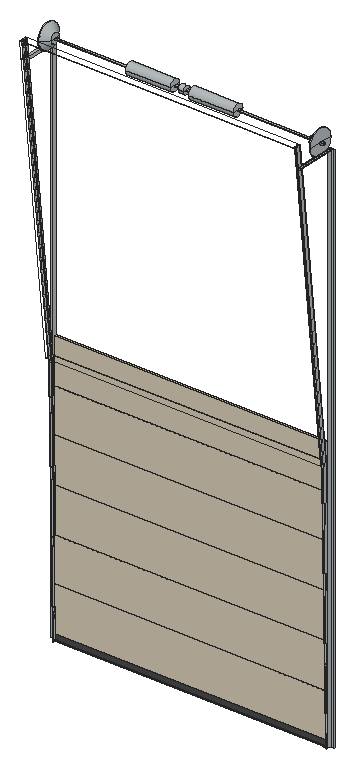
Revit family "Door_Sectional_Clopay_Insulated-DeepRib-VerticalTrack", category Doors, host Wall, Revit 2026
Family settings
  Host = Wall
  Classification Number = 23.30.10.17.37.14
  Always vertical = Yes
  Cut with Voids When Loaded = No
  Shared = No
  Room Calculation Point = No
Parameters (values of type "ByType")
  intDepth [instance] = (Height + 1' 6") * -1  # -13' - 6"
  Wind Load = ""
  Water Penetration = ""
  Track Offset = 0' - 1"
  Track Material [instance] = Metal - Steel - Clopay - Galvanized
  TorsionWidth = Width + 0' 7"  # 12' - 7"
  Torsion Spring Height above Head [instance] = if(Breakaway Track, 0' 6", 1' 6")  # 0' - 6"
  Sound Transmission Class (STC) = 0
  Revision = "R1_09-2011"
  Rad [instance] = Thickness / 2  # 0' - 0 11/16"
  RO Offset = 0' - 0"
  Pass Door = no
  Panel Type_9 [instance] = Door Panel - Deep Rib Insulated : Standard
  Panel Type_8 [instance] = Door Panel - Deep Rib Insulated : Standard
  Panel Type_7 [instance] = Door Panel - Deep Rib Insulated : Standard
  Panel Type_6 [instance] = Door Panel - Deep Rib Insulated : Standard
  Panel Type_5 [instance] = Door Panel - Deep Rib Insulated : Standard
  Panel Type_4 [instance] = Door Panel - Deep Rib Insulated : Standard
  Panel Type_3 [instance] = Door Panel - Deep Rib Insulated : Standard
  Panel Type_2 [instance] = Door Panel - Deep Rib Insulated : Standard
  Panel Type_10 [instance] = Door Panel - Deep Rib Insulated : Standard
  Panel Type_1 [instance] = Door Panel - Deep Rib Insulated : Standard
  Panel Height = Height / NumPanels  # 2' - 0"
  P9 = NumPanels > 8  # no
  P8 = NumPanels > 7  # no
  P7 = NumPanels > 6  # no
  P6 = NumPanels > 5  # yes
  P5 = NumPanels > 4  # yes
  P4 = NumPanels > 3  # yes
  P10 = NumPanels > 9  # no
  Operator_Jackshaft Right [instance] = no
  Operator_Jackshaft Left [instance] = no
  Opening Width = 12' - 0"
  Opening Height = 12' - 0"
  NumPanels = if(Height < 6' 3", 3, if(Height < 8' 3", 4, if(Height < 10' 3", 5, if(Height < 12' 3", 6, if(Height < 14' 3", 7, if(Height < 16' 3", 8, if(Height < 18' 3", 9, 10)))))))  # 6
  Maximum Size = "Consult Clopay Specifications & Shop Drawings"
  Lock Right [instance] = no
  Lock Left [instance] = no
  Jackshaft Offset [instance] = 0' - 5"
  Hardware Finish = Metal - Steel - Clopay - Galvanized
  Function = Interior
  Frame Finish = Metal - Steel - Clopay - Stucco Emboss - Tan
  Double Torsion Shaft [instance] = no
  Door Width = Opening Width + (Track Offset * 2)  # 12' - 2"
  Door Height = Opening Height  # 12' - 0"
  Door Glazing = Glass - Insulated - Clopay - Clear Tempered
  DblWidth = TorsionWidth + 1' 0"  # 13' - 7"
  Building Code Conformance = ""
  Breakaway Track [instance] = yes
  Breakaway Bottom Section = no
  Bottom Astragal Material [instance] = Rubber - Clopay - Black
  Bottom Astragal Height [instance] = 0' - 3 1/2"
  Air Infiltration = ""
  ASTM Conformance = ""
  Panel Width [instance] = Width + (Track Offset * 2)  # 12' - 2"
  Panel Material = Metal - Steel - Clopay - Stucco Emboss - Tan
  Manufacturer Phone = "513-770-4800 "
  Warranty Duration (Years) = 0
  URL = "http://www.clopaydoor.com/"
  Thickness = 0' - 1 3/8"
  Test Data = ""
  Specification = "http://www.arcat.com/sd/clients/clopay.html?coid=31487"
  SpecWizard = "http://www.arcat.com/specwizard/clients/clopay.html?coid=31487"
  Send Message = "http://www.clopaydoor.com/"
  Sales Information = "http://www.clopaydoor.com/contact-us.aspx"
  Rough Width = (Width + (RO Offset * 2))  # 12' - 0"
  Rough Height = (Height + (RO Offset))  # 12' - 0"
  R_Value = 0
  Product Properties = ""
  Product Data = "http://www.arcat.com/arcatcos/cos31/arc31487.html?isac=1&r=1"
  Manufacturer Website = "http://www.arcat.com/users.pl?action=UserEmail&company=Clopay%20Building%20Products%20Company&coid=31487&rep=114&fax=513-770-3519&mf="
  Manufacturer Phone - Toll Free = "800-526-4301 "
  Manufacturer Fax = "513-770-3519"
  Manufacturer Address = "8585 Duke Blvd. Mason, OH 45040-3101"
  Maintenance Schedule (Months) = 0
  Installation-Fabrication = ""
  Installation Phase = ""
  Green Building-LEED = "http://www.arcat.com/green/clients/leed_data_31487.html"
  Model = "As Specified"
  Manufacturer = "Clopay Building Products Company"
  Keynote = "08360"
  Height = Opening Height  # 12' - 0"
  Wall Closure = By host
  Width = Opening Width  # 12' - 0"
  Fire Rating = ""
  Expected Lifespan (Years) = 0
  Drawn By = "Sumex Design, Inc. / Robert S. Weygant, CSI, CDT, SCIP"
  Description = "Clopay Overhead Door as Specified"
  Copyright = "©Arcat Inc."
  Construction Details = "http://www.arcat.com/details/clopay/clopay.html?coid=31487"
  Building Codes = ""
  Assembly Code = "B2030410"
  ADA Compliant = yes
  AAMA Designation = ""
  3" Track [instance] = no
Reference planes (in)
  plane 1 "Center (Front/Back)": y = -34.08725
  plane 2 "Center (Left/Right)": x = 64.28704
  plane 3: z = 0
  plane 4 "Right": x = 136.28704
  plane 5 "Left": x = -7.71296
  plane 6: z = 0
  plane 7 "Top of Frame": z = 144
  plane 8 "RO Top": z = 144
  plane 9 "RO Right": x = 136.28704
  plane 10 "RO Left": x = -7.71296
  plane 11 "Exterior Wall Face": y = -31.08725
  plane 12 "Interior Wall Face": y = -37.08725
  plane 13: x = -8.71296
  plane 14: x = 137.28704
  plane 15: z = 27.5
  plane 16: z = 51.5
  plane 17: z = 75.5
  plane 18: z = 99.5
  plane 19: z = 123.5
  plane 20: z = 147.5
  plane 21: z = 171.5
  plane 22: y = -37.58725
  plane 23: z = 3.5
  plane 24: y = -38.96225
  plane 25: z = 288
  plane 26: z = 195.5
  plane 27: z = 219.5
  plane 28: x = 80.28704
  plane 29: x = 48.28704
  plane 30: z = 80
  plane 31: z = 40
  plane 32: z = 294
  plane 33: z = 306
  plane 34: x = -12.71296
  plane 35: x = 141.28704
  plane 36: z = 297
Forms (in)
  Extrusion 1, solid, material "Rubber - Clopay - Black" <- "Bottom Astragal Material"
    sketch origin (-8.71296, -26.43241, 48) x (0, 1, 0) y (0, 0, 1)
      loop
        line (-11.15484, -44.5) -> (-12.52984, -44.5) -> (-12.52984, -47.3125)
        arc (-12.52984, -47.3125) -> (-11.84234, -48) -> (-11.15484, -47.3125) r 0.6875
        line (-11.15484, -47.3125) -> (-11.15484, -44.5)
    from 0 to 146
  Extrusion 2, solid, material "Metal - Steel - Clopay - Galvanized" <- "Hardware Finish", visible <- "Lock Left"
    sketch origin (-270, -38.96225, -0.15636) x (0, 0, -1) y (-1, 0, 0)
      loop
        line (-39.15636, -263.35085) -> (-39.15636, -267.35085) -> (-36.15636, -267.35085) -> (-36.15636, -263.35085) -> (-39.15636, -263.35085)
    from 0 to -1.5
  Extrusion 3, solid, material "Metal - Steel - Clopay - Galvanized" <- "Hardware Finish", visible <- "Lock Right"
    sketch origin (398.57407, -38.96225, -0.15636) x (0, 0, -1) y (-1, 0, 0)
      loop
        line (-39.15636, 263.35085) -> (-36.15636, 263.35085) -> (-36.15636, 267.35085) -> (-39.15636, 267.35085) -> (-39.15636, 263.35085)
    from 0 to -1.5
  Extrusion 4, solid
    sketch origin (138.28704, -59.98895, 299.04277) x (0, 0.994163, 0.107886) y (-1, 0, 0)
      loop
        line (2.98478, 0) -> (2.98478, 148) -> (-1, 148) -> (-1, 0) -> (2.98478, 0)
    from 0 to -162 <- "intDepth"
Lines and regions (in)
  Opening 1
    outline origin (-109.33485, -37.08725, 0) x (1, 0, 0) y (0, 0, 1)
      loop
        line (101.62189, 0) -> (245.62189, 0) -> (245.62189, 144) -> (101.62189, 144) -> (101.62189, 0)
  symbolic lines, style "Elevation Swing"
    curve 1: line (48.28704, -38.96225, 80) -> (80.28704, -38.96225, 40)
    curve 2: line (80.28704, -38.96225, 40) -> (48.28704, -38.96225, 0)
Text (in)
  text "Exterior" at (50.54558, 62.1328, 0), in view "A101 - Plan View"
  text "Interior" at (50.54558, -116.72319, 0), in view "A101 - Plan View"
  text "Exterior" at (0, -17.98638, 123.01588), in view "Right"
  text "Interior" at (0, -64.39139, 123.01588), in view "Right"
  text "Interior" at (0, -52.09468, 121.14095), in view "Left"
  text "Exterior" at (0, 26.35325, 123.00693), in view "Left"
Dimensions and locks (in)
  equal spacing: plane 4 "Right", plane 2 "Center (Left/Right)", plane 5 "Left"
  "Width": plane 5 "Left" to plane 4 "Right"
  "Height": level to plane 7 "Top of Frame"
  "RO Offset": plane 5 "Left" to plane 10 "RO Left"
  "RO Offset": plane 9 "RO Right" to plane 4 "Right"
  "RO Offset": plane 8 "RO Top" to plane 7 "Top of Frame"
  "Track Offset": plane 9 "RO Right" to plane 14
  "Track Offset": plane 13 to plane 5 "Left"
  locked: nested 3 to plane 12 "Interior Wall Face" at 6
  "Panel Height": plane 23 to plane 15
  "Panel Height": plane 15 to plane 16
  "Panel Height": plane 16 to plane 17
  "Panel Height": plane 17 to plane 18
  "Panel Height": plane 18 to plane 19
  "Panel Height": plane 19 to plane 20
  "Panel Height": plane 20 to plane 21
  locked: plane 12 "Interior Wall Face" to plane 22 at 0.5
  "Bottom Astragal Height": level to plane 23
  "Thickness": plane 22 to plane 24
  "Rad": Extrusion 1 sketch curve to level
  Extrusion 2 sketch curve to Extrusion 2 sketch curve to level = 0' - 3" locked, 3' - 0" locked
  Extrusion 3 sketch curve to Extrusion 3 sketch curve to level = 0' - 3" locked, 3' - 0" locked
  "Height": plane 25 to plane 8 "RO Top"
  "Torsion Spring Height above Head": plane 32 to plane 25
  "Panel Height": plane 21 to plane 26
  "Panel Height": plane 26 to plane 27
  locked: level to plane 30 at 80
  plane 29 to plane 2 "Center (Left/Right)" to plane 28 = 1' - 4" locked, 1' - 4" locked
  equal spacing: plane 30, plane 31, level
  locked: plane 33 to plane 32 at 12
  locked: plane 12 "Interior Wall Face" to nested 14 at 6
  Extrusion 4 sketch curve to Extrusion 4 sketch curve = 0' - 3.98478"
  locked: plane 14 to Extrusion 4 sketch curve at 1
  locked: Extrusion 4 sketch curve to plane 13 at 1
  locked: plane 36 to plane 32 at 3
  "Jackshaft Offset": plane 5 "Left" to plane 34
  "Jackshaft Offset": plane 35 to plane 4 "Right"
  "Rad": radius of Extrusion 1 sketch curve
  aligned and locked: host wall to plane 1 "Center (Front/Back)"
  aligned and locked: Opening 1 sketch curve to level
  aligned and locked: plane 9 "RO Right" to Opening 1 sketch curve
  aligned and locked: plane 10 "RO Left" to Opening 1 sketch curve
  aligned and locked: Opening 1 sketch curve to plane 8 "RO Top"
  aligned and locked: host wall to plane 11 "Exterior Wall Face"
  aligned and locked: host wall to plane 12 "Interior Wall Face"
  aligned and locked: nested 1 to plane 13
  aligned and locked: nested 1 to plane 12 "Interior Wall Face"
  aligned and locked: nested 2 to plane 14
  aligned and locked: nested 2 to plane 12 "Interior Wall Face"
  aligned and locked: plane 2 "Center (Left/Right)" to nested 3
  aligned and locked: plane 2 "Center (Left/Right)" to nested 4
  aligned and locked: plane 15 to nested 5
  aligned and locked: plane 16 to nested 6
  aligned and locked: plane 17 to nested 7
  aligned and locked: plane 18 to nested 8
  aligned and locked: plane 19 to nested 9
  aligned and locked: plane 20 to nested 10
  aligned and locked: plane 21 to nested 11
  aligned and locked: plane 23 to nested 4
  aligned and locked: plane 14 to Extrusion 1
  aligned and locked: plane 26 to nested 12
  aligned and locked: plane 27 to nested 13
  aligned and locked: plane 22 to nested 4
  aligned and locked: plane 22 to nested 5
  aligned and locked: plane 22 to nested 6
  aligned and locked: plane 22 to nested 7
  aligned and locked: plane 22 to nested 8
  aligned and locked: plane 22 to nested 9
  aligned and locked: plane 22 to nested 10
  aligned and locked: nested 13 to plane 22
  aligned and locked: nested 11 to plane 22
  aligned and locked: nested 12 to plane 22
  aligned and locked: plane 33 to nested 14
  aligned and locked: plane 32 to nested 3
  aligned and locked: plane 36 to nested 16
  aligned and locked: plane 35 to nested 16
  aligned and locked: plane 36 to nested 15
  aligned and locked: plane 34 to nested 15
Automatic sketch dimensions
  Extrusion 1 sketch curve to plane 23 = 0' - 0"
  Extrusion 1 sketch curve to plane 24 = 0' - 0"
  Extrusion 2 sketch curve to plane 5 "Left" = 0' - 5.06381"
  Extrusion 2 sketch curve to plane 5 "Left" = 0' - 1.06381"
  plane 4 "Right" to Extrusion 3 sketch curve = 0' - 1.06381"
  Extrusion 3 sketch curve to Extrusion 3 sketch curve = 0' - 4"
  curve 1 to plane 29 = 0' - 0"
  curve 1 to plane 30 = 0' - 0"
  curve 2 to plane 31 = 0' - 0"
  curve 1 to plane 28 = 0' - 0"
  curve 2 to level = 0' - 0"
  curve 2 to plane 29 = 0' - 0"
  nested 2 to Extrusion 4 sketch curve = 0' - 2 15/16"
Nested families (in)
  nested 1: "Track_SectionalDoor_Clopay_Vertical" at (-8.71296, -47.9957, 0), Opening Height <- "Height", Track Material <- "Track Material", 3" Track <- "3" Track", Breakaway <- "Breakaway Track", type "ByType"
    with sptLegth 1' - 9.43686", VertSlope 1.19349°, Vert Travel 0' - 6 1/4", Vert Overall 0' - 8 5/8", TrackHeight 25' - 0", Track Material Metal - Steel - Clopay - Galvanized, TopLength 13' - 8", Opening Height 12' - 0", Breakaway Angle 5.00°, Breakaway yes, BreakOffset 1' - 4.60353", BaseOffset 0' - 2.83333", 3" Track no
  nested 2: "Track_SectionalDoor_Clopay_Vertical" at (137.28704, -47.9957, 0) x (-1, 0, 0) z (0, 0, 1), Opening Height <- "Height", Track Material <- "Track Material", 3" Track <- "3" Track", Breakaway <- "Breakaway Track", type "ByType"
    with sptLegth 1' - 9.43686", VertSlope 1.19349°, Vert Travel 0' - 6 1/4", Vert Overall 0' - 8 5/8", TrackHeight 25' - 0", Track Material Metal - Steel - Clopay - Galvanized, TopLength 13' - 8", Opening Height 12' - 0", Breakaway Angle 5.00°, Breakaway yes, BreakOffset 1' - 4.60353", BaseOffset 0' - 2.83333", 3" Track no
  nested 3: "TorsionAssembly_Vlift" at (64.28704, -43.08725, 294), Material <- "Track Material", Unit Width <- "TorsionWidth", type "TorsionAssembly_Vlift"
    with offset 0' - 0", Unit Width 12' - 7", Material Metal - Steel - Clopay - Galvanized, End Extension 0' - 0"
  nested 4: "Door Panel - Deep Rib Insulated" at (64.28704, -38.27475, 3.5), Material - Trim <- "Frame Finish", Material - Panel <- "Panel Material", Glass Type <- "Door Glazing", Unit Width <- "Panel Width", Unit Height <- "Panel Height", Unit Depth <- "Thickness", type <- "Panel Type_1", type "Standard"
    with Vision Panel Num 0, Vision Panel Calc 3, VPSpace 13' - 2", VP Actual 2, Unit Width 12' - 2", Unit Height 2' - 0", Unit Depth 0' - 1 3/8", SingleWindow no, Ofst 0' - 6", MultiWindow no, Material - Trim Metal - Steel - Clopay - Stucco Emboss - Tan, Material - Panel Metal - Steel - Clopay - Stucco Emboss - Tan, Glass Type Glass - Insulated - Clopay - Clear Tempered, Vision Panel Height 0' - 8", Vision Panel Width 1' - 0", HalfHeight 0' - 4", Vision Panels no
  nested 5: "Door Panel - Deep Rib Insulated" at (64.28704, -38.27475, 27.5), Material - Trim <- "Frame Finish", Material - Panel <- "Panel Material", Glass Type <- "Door Glazing", Unit Width <- "Panel Width", Unit Height <- "Panel Height", Unit Depth <- "Thickness", type <- "Panel Type_2", type "Standard"
    with Vision Panel Num 0, Vision Panel Calc 3, VPSpace 13' - 2", VP Actual 2, Unit Width 12' - 2", Unit Height 2' - 0", Unit Depth 0' - 1 3/8", SingleWindow no, Ofst 0' - 6", MultiWindow no, Material - Trim Metal - Steel - Clopay - Stucco Emboss - Tan, Material - Panel Metal - Steel - Clopay - Stucco Emboss - Tan, Glass Type Glass - Insulated - Clopay - Clear Tempered, Vision Panel Height 0' - 8", Vision Panel Width 1' - 0", HalfHeight 0' - 4", Vision Panels no
  nested 6: "Door Panel - Deep Rib Insulated" at (64.28704, -38.27475, 51.5), Material - Trim <- "Frame Finish", Material - Panel <- "Panel Material", Glass Type <- "Door Glazing", Unit Width <- "Panel Width", Unit Height <- "Panel Height", Unit Depth <- "Thickness", type <- "Panel Type_3", type "Standard"
    with Vision Panel Num 0, Vision Panel Calc 3, VPSpace 13' - 2", VP Actual 2, Unit Width 12' - 2", Unit Height 2' - 0", Unit Depth 0' - 1 3/8", SingleWindow no, Ofst 0' - 6", MultiWindow no, Material - Trim Metal - Steel - Clopay - Stucco Emboss - Tan, Material - Panel Metal - Steel - Clopay - Stucco Emboss - Tan, Glass Type Glass - Insulated - Clopay - Clear Tempered, Vision Panel Height 0' - 8", Vision Panel Width 1' - 0", HalfHeight 0' - 4", Vision Panels no
  nested 7: "Door Panel - Deep Rib Insulated" at (64.28704, -38.27475, 75.5), Material - Panel <- "Panel Material", Glass Type <- "Door Glazing", Unit Width <- "Panel Width", Unit Height <- "Panel Height", Unit Depth <- "Thickness", visible <- "P4", type <- "Panel Type_4", Material - Trim <- "Panel Material", type "Standard"
    with Vision Panel Num 0, Vision Panel Calc 3, VPSpace 13' - 2", VP Actual 2, Unit Width 12' - 2", Unit Height 2' - 0", Unit Depth 0' - 1 3/8", SingleWindow no, Ofst 0' - 6", MultiWindow no, Material - Trim Metal - Steel - Clopay - Stucco Emboss - Tan, Material - Panel Metal - Steel - Clopay - Stucco Emboss - Tan, Glass Type Glass - Insulated - Clopay - Clear Tempered, Vision Panel Height 0' - 8", Vision Panel Width 1' - 0", HalfHeight 0' - 4", Vision Panels no
  nested 8: "Door Panel - Deep Rib Insulated" at (64.28704, -38.27475, 99.5), Material - Trim <- "Frame Finish", Material - Panel <- "Panel Material", Glass Type <- "Door Glazing", Unit Width <- "Panel Width", Unit Height <- "Panel Height", Unit Depth <- "Thickness", visible <- "P5", type <- "Panel Type_5", type "Standard"
    with Vision Panel Num 0, Vision Panel Calc 3, VPSpace 13' - 2", VP Actual 2, Unit Width 12' - 2", Unit Height 2' - 0", Unit Depth 0' - 1 3/8", SingleWindow no, Ofst 0' - 6", MultiWindow no, Material - Trim Metal - Steel - Clopay - Stucco Emboss - Tan, Material - Panel Metal - Steel - Clopay - Stucco Emboss - Tan, Glass Type Glass - Insulated - Clopay - Clear Tempered, Vision Panel Height 0' - 8", Vision Panel Width 1' - 0", HalfHeight 0' - 4", Vision Panels no
  nested 9: "Door Panel - Deep Rib Insulated" at (64.28704, -38.27475, 123.5), Material - Trim <- "Frame Finish", Material - Panel <- "Panel Material", Glass Type <- "Door Glazing", Unit Width <- "Panel Width", Unit Height <- "Panel Height", Unit Depth <- "Thickness", visible <- "P6", type <- "Panel Type_6", type "Standard"
    with Vision Panel Num 0, Vision Panel Calc 3, VPSpace 13' - 2", VP Actual 2, Unit Width 12' - 2", Unit Height 2' - 0", Unit Depth 0' - 1 3/8", SingleWindow no, Ofst 0' - 6", MultiWindow no, Material - Trim Metal - Steel - Clopay - Stucco Emboss - Tan, Material - Panel Metal - Steel - Clopay - Stucco Emboss - Tan, Glass Type Glass - Insulated - Clopay - Clear Tempered, Vision Panel Height 0' - 8", Vision Panel Width 1' - 0", HalfHeight 0' - 4", Vision Panels no
  nested 10: "Door Panel - Deep Rib Insulated" at (64.28704, -38.27475, 147.5), Material - Trim <- "Frame Finish", Material - Panel <- "Panel Material", Glass Type <- "Door Glazing", Unit Width <- "Panel Width", Unit Height <- "Panel Height", Unit Depth <- "Thickness", visible <- "P7", type <- "Panel Type_7", type "Standard"
    with Vision Panel Num 0, Vision Panel Calc 3, VPSpace 13' - 2", VP Actual 2, Unit Width 12' - 2", Unit Height 2' - 0", Unit Depth 0' - 1 3/8", SingleWindow no, Ofst 0' - 6", MultiWindow no, Material - Trim Metal - Steel - Clopay - Stucco Emboss - Tan, Material - Panel Metal - Steel - Clopay - Stucco Emboss - Tan, Glass Type Glass - Insulated - Clopay - Clear Tempered, Vision Panel Height 0' - 8", Vision Panel Width 1' - 0", HalfHeight 0' - 4", Vision Panels no
  nested 11: "Door Panel - Deep Rib Insulated" at (64.28704, -38.27475, 171.5), Material - Trim <- "Frame Finish", Material - Panel <- "Panel Material", Glass Type <- "Door Glazing", Unit Width <- "Panel Width", Unit Height <- "Panel Height", Unit Depth <- "Thickness", visible <- "P8", type <- "Panel Type_8", type "Standard"
    with Vision Panel Num 0, Vision Panel Calc 3, VPSpace 13' - 2", VP Actual 2, Unit Width 12' - 2", Unit Height 2' - 0", Unit Depth 0' - 1 3/8", SingleWindow no, Ofst 0' - 6", MultiWindow no, Material - Trim Metal - Steel - Clopay - Stucco Emboss - Tan, Material - Panel Metal - Steel - Clopay - Stucco Emboss - Tan, Glass Type Glass - Insulated - Clopay - Clear Tempered, Vision Panel Height 0' - 8", Vision Panel Width 1' - 0", HalfHeight 0' - 4", Vision Panels no
  nested 12: "Door Panel - Deep Rib Insulated" at (64.28704, -38.27475, 195.5), Material - Trim <- "Frame Finish", Material - Panel <- "Panel Material", Glass Type <- "Door Glazing", Unit Width <- "Panel Width", Unit Height <- "Panel Height", Unit Depth <- "Thickness", visible <- "P9", type <- "Panel Type_9", type "Standard"
    with Vision Panel Num 0, Vision Panel Calc 3, VPSpace 13' - 2", VP Actual 2, Unit Width 12' - 2", Unit Height 2' - 0", Unit Depth 0' - 1 3/8", SingleWindow no, Ofst 0' - 6", MultiWindow no, Material - Trim Metal - Steel - Clopay - Stucco Emboss - Tan, Material - Panel Metal - Steel - Clopay - Stucco Emboss - Tan, Glass Type Glass - Insulated - Clopay - Clear Tempered, Vision Panel Height 0' - 8", Vision Panel Width 1' - 0", HalfHeight 0' - 4", Vision Panels no
  nested 13: "Door Panel - Deep Rib Insulated" at (64.28704, -38.27475, 219.5), Material - Trim <- "Frame Finish", Material - Panel <- "Panel Material", Glass Type <- "Door Glazing", Unit Width <- "Panel Width", Unit Height <- "Panel Height", Unit Depth <- "Thickness", visible <- "P10", type <- "Panel Type_10", type "Standard"
    with Vision Panel Num 0, Vision Panel Calc 3, VPSpace 13' - 2", VP Actual 2, Unit Width 12' - 2", Unit Height 2' - 0", Unit Depth 0' - 1 3/8", SingleWindow no, Ofst 0' - 6", MultiWindow no, Material - Trim Metal - Steel - Clopay - Stucco Emboss - Tan, Material - Panel Metal - Steel - Clopay - Stucco Emboss - Tan, Glass Type Glass - Insulated - Clopay - Clear Tempered, Vision Panel Height 0' - 8", Vision Panel Width 1' - 0", HalfHeight 0' - 4", Vision Panels no
  nested 14: "TorsionAssembly_Vlift" at (64.28704, -43.08725, 306), Material <- "Track Material", Unit Width <- "DblWidth", visible <- "Double Torsion Shaft", type "TorsionAssembly_Vlift"
    with offset 0' - 0", Unit Width 13' - 7", Material Metal - Steel - Clopay - Galvanized, End Extension 0' - 6"
  nested 15: "Opener" at (-18.71296, -37.08725, 285) x (1, 0, 0) z (0, -1, 0), Material <- "Hardware Finish", visible <- "Operator_Jackshaft Left", type "Jackshaft"
    with offset 0' - 0", Material Metal - Steel - Clopay - Galvanized, Unit Width 1' - 0", Unit Depth 1' - 0"
  nested 16: "Opener" at (147.28704, -37.08725, 285) x (1, 0, 0) z (0, -1, 0), visible <- "Operator_Jackshaft Right", Material <- "Hardware Finish", type "Jackshaft"
    with offset 0' - 0", Material Metal - Steel - Clopay - Galvanized, Unit Width 1' - 0", Unit Depth 1' - 0"
Definition of nested family "Track_SectionalDoor_Clopay_Vertical"
  Parameters
    sptLegth [instance] = BaseOffset + BreakOffset + 0' 2"  # 1' - 6.33239"
    Width = 0' - 0"
    Warranty Duration (Years) = 0
    VertSlope [instance] = atan(0.25 / 12)  # 1.19349°
    Vert Travel [instance] = (TrackHeight) * tan(VertSlope)  # 0' - 5 1/4"
    Vert Overall [instance] = Vert Travel + 0' 2 3/8"  # 0' - 7 5/8"
    URL = "http://www.clopaydoor.com/"
    TrackHeight [instance] = TopLength + (Opening Height - 0' 8")  # 21' - 0"
    Track Material [instance] = none
    TopLength [instance] = if(Breakaway Angle = 0.00°, Opening Height + 0' 8" + 0' 1", Opening Height + 0' 8" + 1' 0")  # 11' - 8"
    Thickness = 0' - 0"
    Specification = "http://www.arcat.com/sd/clients/clopay.html?coid=31487"
    SpecWizard = "http://www.arcat.com/specwizard/clients/clopay.html?coid=31487"
    Send Message = "http://www.arcat.com/users.pl?action=UserEmail&company=Clopay%20Building%20Products%20Company&coid=31487&rep=114&fax=513-770-3519&mf="
    Sales Information = "http://www.clopaydoor.com/contact-us.aspx"
    Revision = "R1_09-2011"
    Product Properties = ""
    Product Data = "http://www.arcat.com/arcatcos/cos31/arc31487.html?isac=1&r=1"
    Opening Height [instance] = 10' - 0"
    Model = "As Specified"
    Manufacturer Website = "http://www.clopaydoor.com/"
    Manufacturer Phone - Toll Free = "800-526-4301"
    Manufacturer Phone = "513-770-4800"
    Manufacturer Fax = "513-770-3519"
    Manufacturer Address = "8585 Duke Blvd. Manson, OH 45040-3101"
    Manufacturer = "Clopay Building Products Company"
    Maintenance Schedule (Months) = 0
    Keynote = "08360"
    Installation-Fabrication = ""
    Installation Phase = ""
    Height = 0' - 0"
    Green Building-LEED = "http://www.arcat.com/green/clients/leed_data_31487.html"
    Expected Lifespan (Years) = 0
    Drawn By = "Sumex Design, Inc. / Robert S. Weygant, CSI, CDT, SCIP"
    Description = "Clopay Door as Specified"
    Copyright = "©Arcat Inc."
    Construction Details = "http://www.arcat.com/details/clopay/clopay.html?coid=31487"
    Breakaway Angle [instance] = if(Breakaway, 5.00°, 0.00°)  # 5.00°
    Breakaway [instance] = yes
    BreakOffset [instance] = (TrackHeight - 0' 11" - Opening Height + 0' 8") * tan(VertSlope + Breakaway Angle)  # 1' - 1.99905"
    BaseOffset [instance] = (Opening Height - 0' 8") * tan(VertSlope)  # 0' - 2.33333"
    3" Track [instance] = no
    Assembly Code = "B2030410"
  Reference planes (in)
    plane 1 "Center (Front/Back)": y = 10.90846
    plane 2: z = 0
    plane 3 "Center (Left/Right)": x = 0
    plane 4: z = 0
    plane 5: z = 0
    plane 6: z = 0
    plane 7: z = 0
    plane 8: z = 0
    plane 9: y = 3.28346
    plane 10 "Bracket": x = -1
    plane 11: z = 120
    plane 12: z = 252
    plane 13: y = 8.53346
    plane 14: z = 112
  Forms (in)
    Sweep 1, solid, material <- "Track Material"
      path origin (-1, 4.05509, 48) x (0, 1, 0) y (0, 0, 1)
        loop
          line (4.47835, -47.99915) -> (2.14503, 64) -> (-12.95906, 203.18285)
      profile "P_Track : P_Track" origin (-1, 7.36678, 56.00043) x (0, -0.999783, -0.020829) y (1, 0, 0)
        loop
          line (-2, 1) -> (-2, 0) -> (-0.62484, 0) -> (-0.20263, 0.18798)
          arc (-0.20263, 0.18798) -> (0, 0.5) -> (-0.20263, 0.81202) r 0.34155
          line (-0.20263, 0.81202) -> (-0.48052, 0.93574) -> (-0.50594, 0.87865) -> (-0.22805, 0.75492)
          arc (-0.22805, 0.75492) -> (-0.0625, 0.5) -> (-0.22805, 0.24508) r 0.27905
          line (-0.22805, 0.24508) -> (-0.63812, 0.0625) -> (-1.9375, 0.0625) -> (-1.9375, 1) -> (-2, 1)
    Extrusion 2, solid, material <- "Track Material"
      sketch origin (0, 0, 0) x (1, 0, 0) y (0, 1, 0)
        loop
          line (-1, 10.90846) -> (-3.25, 10.90846) -> (-3.25, 10.78346) -> (-1.125, 10.78346) -> (-1.125, 9.28346) -> (-1, 9.28346) -> (-1, 10.90846)
      from 0 to 241
    Sweep 3, solid, material <- "Track Material"
      path origin (-1, 4.05509, 48) x (0, 1, 0) y (0, 0, 1)
        loop
          line (-11.47902, 193) -> (6.72837, 193)
      profile origin (-1, 1.67976, 241) x (0, 0, 1) y (1, 0, 0)
        loop
          line (0, 0) -> (-1.48699, 0) -> (-1.48699, -0.125) -> (-0.11199, -0.125) -> (-0.11199, -1.5) -> (0, -1.5) -> (0, 0)
  Lines and regions (in)
    reference lines
      curve 1: line (-1, 8.53346, 0) -> (-1, 5.57576, 141.96919)
      curve 2: line (-1, 6.20012, 112) -> (-1, 0.48214, 164.69065)
      curve 3: line (-1, 6.20012, 112) -> (-1, 4.2118, 111.78423)
  Dimensions and locks (in)
    equal spacing: plane 4, plane 5, plane 6, plane 7, plane 8, level
    "Height": plane 4 to level
    locked: plane 10 "Bracket" to plane 3 "Center (Left/Right)" at 1
    "Opening Height": plane 11 to level
    "Vert Overall": plane 1 "Center (Front/Back)" to plane 9
    locked: plane 13 to plane 1 "Center (Front/Back)" at 2.375
    locked: plane 12 to Extrusion 2 at 11
    "TrackHeight": plane 12 to level
    locked: plane 12 to Sweep 3 sketch curve at 11
    locked: plane 11 to plane 14 at 8
    "TopLength": curve 3 to Sweep 1 sketch curve
    "sptLegth": plane 1 "Center (Front/Back)" to Sweep 3 sketch curve
    "VertSlope": angle curve 1 to plane 13
    "Breakaway Angle": angle curve 2 to curve 1
    aligned and locked: curve 1 to Sweep 1 sketch curve
    aligned and locked: Sweep 1 sketch curve to curve 2
  Automatic sketch dimensions
    Extrusion 2 sketch curve to plane 1 "Center (Front/Back)" = 0' - 0"
    Extrusion 2 sketch curve to plane 10 "Bracket" = 0' - 0"
    Extrusion 2 sketch curve to Extrusion 2 sketch curve = 0' - 0 1/8"  (x2)
    Extrusion 2 sketch curve to Extrusion 2 sketch curve = 0' - 2 1/8"
    plane 13 to Extrusion 2 sketch curve = 0' - 0 3/4"
    plane 1 "Center (Front/Back)" to Sweep 3 sketch curve = 0' - 0 1/8"
    Sweep 3 sketch curve to plane 10 "Bracket" = 0' - 0"
    Sweep 3 sketch curve to profile plane = 0' - 0"
    profile plane to Sweep 3 sketch curve = 0' - 0.11199"
    Sweep 3 sketch curve to plane 10 "Bracket" = 0' - 0 1/8"
    Sweep 3 sketch curve to Sweep 3 sketch curve = 0' - 1 3/8"  (x2)
    curve 2 to plane 14 = 0' - 0"
    curve 1 to level = 0' - 0"
    curve 1 to plane 13 = 0' - 0"
    Sweep 1 sketch curve to plane 13 = 0' - 0"
    curve 3 to curve 2 = 0' - 0"  (x2)
    curve 2 to curve 3 = 0' - 2"
Definition of nested family "TorsionAssembly_Vlift"
  Parameters
    offset [instance] = 0' - 0"
    Warranty Duration (Years) = 0
    Vertical Lift = yes
    Unit Width [instance] = 12' - 0"
    Unit Height = 0' - 9 1/2"
    Unit Depth = Unit Height  # 0' - 9 1/2"
    URL = "http://www.clopaydoor.com/"
    Standard = no
    Spring Width = 2' - 0"
    Specification = "http://www.arcat.com/sd/clients/clopay.html?coid=31487"
    SpecWizard = "http://www.arcat.com/specwizard/clients/clopay.html?coid=31487"
    Send Message = "http://www.arcat.com/users.pl?action=UserEmail&company=Clopay%20Building%20Products%20Company&coid=31487&rep=114&fax=513-770-3519&mf="
    Sales Information = "http://www.clopaydoor.com/contact-us.aspx"
    Revision = "R1_09-2011"
    Product Properties = ""
    Product Data = "http://www.arcat.com/arcatcos/cos31/arc31487.html?isac=1&r=1"
    Model = "As Specified"
    Material [instance] = none
    Manufacturer Website = "http://www.clopaydoor.com/"
    Manufacturer Phone - Toll Free = "800-526-4301 "
    Manufacturer Phone = "513-770-4800 "
    Manufacturer Fax = "513-770-3519"
    Manufacturer Address = "8585 Duke Blvd. Mason, OH 45040-3101"
    Manufacturer = "Clopay Building Products Company"
    Maintenance Schedule (Months) = 0
    Keynote = "08360"
    Installation-Fabrication = ""
    Installation Phase = ""
    High Lift = no
    Green Building-LEED = "http://www.arcat.com/green/clients/leed_data_31487.html"
    Expected Lifespan (Years) = 0
    End Extension [instance] = 0' - 0"
    Drawn By = "Sumex Design, Inc. / Robert S. Weygant, CSI, CDT, SCIP"
    Description = "Clopay Door as Specified"
    Copyright = "©Arcat Inc."
    Construction Details = "http://www.arcat.com/details/clopay/clopay.html?coid=31487"
    Assembly Code = "B2030410"
  Reference planes (in)
    plane 1 "Center (Front/Back)": y = 0
    plane 2 "Bottom": z = 0
    plane 3 "Center (Left/Right)": x = 0
    plane 4 "Front": y = -4.75
    plane 5 "Back": y = 4.75
    plane 6 "Left": x = -72
    plane 7 "Right": x = 72
    plane 8 "Top": z = 4.75
    plane 9: z = -4.75
    plane 10: x = -5
    plane 11: x = 5
    plane 12: x = -29
    plane 13: x = 29
    plane 14: x = 66
    plane 15: x = -66
  Forms (in)
    Revolve 1, solid, material <- "Material", visible <- "Vertical Lift"
      sketch origin (0, 0, 0) x (1, 0, 0) y (0, 1, 0)
        loop
          line (72, 0) -> (72, 0.5) -> (70, 0.5) -> (70, 6.75) -> (69.5, 6.75) -> (66.33203, 2.5) -> (66, 2.5) -> (66, 0.5) -> (29, 0.5) -> (29, 3) -> (5, 3) -> (5, 0.5) -> (1.375, 0.5) -> (1.375, 2) -> (-1.375, 2) -> (-1.375, 0.5) -> (-5, 0.5) -> (-5, 3) -> (-29, 3) -> (-29, 0.5) -> (-66, 0.5) -> (-66, 2.5) -> (-66.33203, 2.5) -> (-69.5, 6.75) -> (-70, 6.75) -> (-70, 0.5) -> (-72, 0.5) -> (-72, 0) -> (72, 0)
        axis (-72, 0) -> (72, 0)
      angle from 0 to 360
  Dimensions and locks (in)
    equal spacing: plane 6 "Left", plane 3 "Center (Left/Right)", plane 7 "Right"
    "Unit Width": plane 6 "Left" to plane 7 "Right"
    equal spacing: plane 5 "Back", plane 1 "Center (Front/Back)", plane 4 "Front"
    "Unit Depth": plane 5 "Back" to plane 4 "Front"
    equal spacing: plane 8 "Top", level, plane 9
    "Unit Height": plane 8 "Top" to plane 9
    plane 10 to plane 3 "Center (Left/Right)" to plane 11 = 0' - 5" locked, 0' - 5" locked
    "Spring Width": plane 11 to plane 13
    "Spring Width": plane 12 to plane 10
    "End Extension": Revolve 1 sketch curve to plane 6 "Left"
    "End Extension": plane 7 "Right" to Revolve 1 sketch curve
    locked: plane 6 "Left" to plane 15 at 6
    plane 14 to plane 7 "Right" = 0' - 6"
  Automatic sketch dimensions
    Revolve 1 sketch curve to plane 1 "Center (Front/Back)" = 0' - 0"  (x2)
    Revolve 1 sketch curve to plane 15 = 0' - 0"
    Revolve 1 sketch curve to plane 12 = 0' - 0"
    Revolve 1 sketch curve to plane 10 = 0' - 0"
    Revolve 1 sketch curve to plane 11 = 0' - 0"
    Revolve 1 sketch curve to plane 13 = 0' - 0"
    Revolve 1 sketch curve to plane 14 = 0' - 0"
    Revolve 1 sketch curve to Revolve 1 sketch curve = 0' - 9 3/4"
    Revolve 1 sketch curve to plane 1 "Center (Front/Back)" = 0' - 0 1/2"  (x6)
    Revolve 1 sketch curve to plane 3 "Center (Left/Right)" = 0' - 1 3/8"
    plane 3 "Center (Left/Right)" to Revolve 1 sketch curve = 0' - 1 3/8"
    Revolve 1 sketch curve to Revolve 1 sketch curve = 1' - 0 3/4"
    Revolve 1 sketch curve to Revolve 1 sketch curve = 0' - 1 1/2"
    Revolve 1 sketch curve to plane 5 "Back" = 0' - 1 3/4"  (x2)
    Revolve 1 sketch curve to plane 7 "Right" = 0' - 2"
    Revolve 1 sketch curve to plane 14 = 0' - 0 85/256"
    Revolve 1 sketch curve to Revolve 1 sketch curve = 0' - 0 1/2"  (x2)
    Revolve 1 sketch curve to Revolve 1 sketch curve = 0' - 2"  (x2)
    plane 5 "Back" to Revolve 1 sketch curve = 0' - 2"  (x2)
    plane 6 "Left" to Revolve 1 sketch curve = 0' - 2"
    Revolve 1 sketch curve to Revolve 1 sketch curve = 0' - 0 85/256"
Definition of nested family "Door Panel - Deep Rib Insulated"
  Parameters
    offset = 0' - 9"
    Warranty Duration (Years) = 0
    Vision Panel Num [instance] = if(Vision Panels, Vision Panel Calc, 0)  # 3
    Vision Panel Calc [instance] = if(Unit Width < 9' 4", 2, if(Unit Width < 13' 4", 3, if(Unit Width < 16' 4", 4, if(Unit Width < 16' 6", 3, if(Unit Width < 20' 4", 5, if(Unit Width < 24' 4", 6, if(Unit Width < 26' 4", 7, if(Unit Width < 27' 6", 6, 8))))))))  # 3
    VPSpace [instance] = ((Unit Width - (Vision Panel Num * 2' 0")) / (Vision Panel Num + 1)) + 1' 0"  # 2' - 6"
    Vision Panel Height = 1' - 2"
    Vision Panel Width = 3' - 4"
    VP Actual [instance] = if(Vision Panel Num > 1, Vision Panel Num, 2)  # 3
    Unit Width [instance] = 12' - 0"
    Unit Height [instance] = 2' - 0"
    Unit Depth [instance] = 0' - 1 3/8"
    URL = "http://www.clopaydoor.com/"
    Specification = "http://www.arcat.com/sd/clients/clopay.html?coid=31487"
    SpecWizard = "http://www.arcat.com/specwizard/clients/clopay.html?coid=31487"
    SingleWindow [instance] = Vision Panel Num = 1  # no
    Send Message = "http://www.arcat.com/users.pl?action=UserEmail&company=Clopay%20Building%20Products%20Company&coid=31487&rep=114&fax=513-770-3519&mf="
    Sales Information = "http://www.clopaydoor.com/contact-us.aspx"
    Revision = "R1_09-2011"
    Product Properties = ""
    Product Data = "http://www.arcat.com/arcatcos/cos31/arc31487.html?isac=1&r=1"
    Ofst [instance] = Vision Panel Width / 2  # 1' - 8"
    MultiWindow [instance] = Vision Panel Num > 1  # yes
    Model = "As Specified"
    Material - Trim [instance] = none
    Material - Panel [instance] = none
    Manufacturer Website = "http://www.clopaydoor.com/"
    Manufacturer Phone - Toll Free = "800-526-4301 "
    Manufacturer Phone = "513-770-4800 "
    Manufacturer Fax = "513-770-3519"
    Manufacturer Address = "8585 Duke Blvd. Mason, OH 45040-3101"
    Manufacturer = "Clopay Building Products Company"
    Maintenance Schedule (Months) = 0
    Keynote = "08330"
    Installation-Fabrication = ""
    Installation Phase = ""
    HalfHeight = Vision Panel Height / 2  # 0' - 7"
    Green Building-LEED = "http://www.arcat.com/green/clients/leed_data_31487.html"
    Glass Type [instance] = none
    Expected Lifespan (Years) = 0
    Drawn By = "Sumex Design, Inc. / Robert S. Weygant, CSI, CDT, SCIP"
    Vision Panels = yes
    Description = "Clopay Door as Specified"
    Copyright = "©Arcat Inc."
    Construction Details = "http://www.arcat.com/details/clopay/clopay.html?coid=31487"
    Assembly Code = "B2030420"
  Reference planes (in)
    plane 1 "Center (Front/Back)": y = 0
    plane 2 "Bottom": z = 0
    plane 3 "Center (Left/Right)": x = 0
    plane 4 "Front": y = -0.6875
    plane 5 "Back": y = 0.6875
    plane 6 "Left": x = -72
    plane 7 "Right": x = 72
    plane 8 "Top": z = 24
    plane 9: z = 12
    plane 10: x = -42
    plane 11: x = 42
    plane 12: z = 16
    plane 13: z = 8
  Forms (in)
    Sweep 1, void
      path origin (0, -1, 25.77106) x (0, 0, 1) y (-1, 0, 0)
        loop
          line (-17.06234, 62) -> (-17.06234, 22)
      profile origin (-42, -1, 8.70872) x (0, 0, 1) y (0, -1, 0)
        loop
          line (-3.70872, -4) -> (10.29128, -4) -> (10.29128, 2.25) -> (-3.70872, 2.25) -> (-3.70872, -4)
    Sweep 2, void
      path origin (84, -1, 25.77106) x (0, 0, 1) y (-1, 0, 0)
        loop
          line (-17.06234, 62) -> (-17.06234, 22)
      profile origin (42, -1, 8.70872) x (0, 0, 1) y (0, -1, 0)
        loop
          line (-3.70872, -4) -> (10.29128, -4) -> (10.29128, 2.25) -> (-3.70872, 2.25) -> (-3.70872, -4)
    Sweep 3, void
      path origin (42, -1, 25.77106) x (0, 0, 1) y (-1, 0, 0)
        loop
          line (-17.06234, 62) -> (-17.06234, 22)
      profile origin (0, -1, 8.70872) x (0, 0, 1) y (0, -1, 0)
        loop
          line (-3.70872, -4) -> (10.29128, -4) -> (10.29128, 2.25) -> (-3.70872, 2.25) -> (-3.70872, -4)
    Extrusion 4, solid, material <- "Material - Panel"
      sketch origin (-72, 16.34522, 48) x (0, 1, 0) y (0, 0, 1)
        loop
          line (-15.65772, -24) -> (-17.03272, -24) -> (-17.03272, -31.25) -> (-16.53272, -31.75) -> (-16.53272, -32.25) -> (-17.03272, -32.75) -> (-17.03272, -39.25) -> (-16.53272, -39.75) -> (-16.53272, -40.25) -> (-17.03272, -40.75) -> (-17.03272, -48) -> (-15.65772, -48) -> (-15.65772, -24)
      from 0 to 144
  Cuts and joins
    Sweep 1, Sweep 2, Sweep 3 cuts Extrusion 4
  Dimensions and locks (in)
    equal spacing: plane 6 "Left", plane 3 "Center (Left/Right)", plane 7 "Right"
    "Unit Width": plane 6 "Left" to plane 7 "Right"
    equal spacing: plane 5 "Back", plane 1 "Center (Front/Back)", plane 4 "Front"
    "Unit Depth": plane 5 "Back" to plane 4 "Front"
    "Unit Height": plane 8 "Top" to level
    equal spacing: plane 8 "Top", plane 9, level
    "VPSpace": plane 10 to plane 6 "Left"
    "VPSpace": plane 7 "Right" to plane 11
    equal spacing: group 1, group 5, group 2  (x3)
    equal spacing: group 3, group 6, group 4  (x3)
    "Vision Panel Width": Sweep 1 sketch curve to Sweep 1 sketch curve
    "Vision Panel Width": Sweep 2 sketch curve to Sweep 2 sketch curve
    "Ofst": plane 10 to Sweep 1
    "Ofst": Sweep 2 to plane 11
    "Vision Panel Height": Sweep 1 sketch curve to Sweep 1 sketch curve
    "Vision Panel Height": Sweep 2 sketch curve to Sweep 2 sketch curve
    "HalfHeight": Sweep 1 to plane 9
    "HalfHeight": Sweep 2 to plane 9
    "Vision Panel Width": Sweep 3 sketch curve to Sweep 3 sketch curve
    "Vision Panel Height": Sweep 3 sketch curve to Sweep 3 sketch curve
    equal spacing: plane 8 "Top", plane 12, plane 13, level
    locked: Extrusion 4 sketch curve to plane 4 "Front" at 0.5  (x2)
    aligned and locked: nested 1 to plane 10
    aligned and locked: nested 2 to plane 10
    aligned and locked: plane 11 to nested 3
    aligned and locked: nested 3 to plane 9
    aligned and locked: plane 9 to nested 1
    aligned and locked: plane 9 to nested 2
    aligned and locked: plane 1 "Center (Front/Back)" to nested 2
    aligned and locked: plane 1 "Center (Front/Back)" to nested 1
    aligned and locked: plane 1 "Center (Front/Back)" to nested 3
    aligned and locked: plane 7 "Right" to Extrusion 4
  Automatic sketch dimensions
    profile plane to Sweep 2 sketch curve = 0' - 3.70872"
    Sweep 2 sketch curve to profile plane = 0' - 4"
    profile plane to Sweep 2 sketch curve = 0' - 2 1/4"
    profile plane to Sweep 1 sketch curve = 0' - 3.70872"
    Sweep 1 sketch curve to profile plane = 0' - 4"
    profile plane to Sweep 1 sketch curve = 0' - 2 1/4"
    profile plane to Sweep 3 sketch curve = 0' - 3.70872"
    Sweep 3 sketch curve to profile plane = 0' - 4"
    profile plane to Sweep 3 sketch curve = 0' - 2 1/4"
    Extrusion 4 sketch curve to level = 0' - 0"
    Extrusion 4 sketch curve to plane 5 "Back" = 0' - 0"
    Extrusion 4 sketch curve to plane 8 "Top" = 0' - 0"
    Extrusion 4 sketch curve to plane 13 = 0' - 0 3/4"
    Extrusion 4 sketch curve to plane 4 "Front" = 0' - 0"  (x3)
    Extrusion 4 sketch curve to plane 13 = 0' - 0 1/4"
    Extrusion 4 sketch curve to Extrusion 4 sketch curve = 0' - 0 1/2"  (x2)
    Extrusion 4 sketch curve to plane 12 = 0' - 0 3/4"
    Extrusion 4 sketch curve to plane 12 = 0' - 0 1/4"
    plane 12 to Extrusion 4 sketch curve = 0' - 0 1/4"
    plane 13 to Extrusion 4 sketch curve = 0' - 0 1/4"
  Nested families (in)
    nested 1: "Vision Panel" at (-42, 0, 12), visible <- "MultiWindow", Material <- "Glass Type", Frame Material <- "Material - Trim", Door Thickness <- "Unit Depth", Unit Height <- "Vision Panel Height", Unit Width <- "Vision Panel Width", type "Vision Panel"
      with offset 0' - 0", Unit Width 3' - 4", Unit Height 1' - 2", Material none, Frame Material none, Door Thickness 0' - 1 3/8"
    nested 2: "Vision Panel" at (-42, 0, 12), visible <- "SingleWindow", Material <- "Glass Type", Frame Material <- "Material - Trim", Unit Height <- "Vision Panel Height", Door Thickness <- "Unit Depth", Unit Width <- "Vision Panel Width", type "Vision Panel"
      with offset 0' - 0", Unit Width 3' - 4", Unit Height 1' - 2", Material none, Frame Material none, Door Thickness 0' - 1 3/8"
    nested 3: "Vision Panel" at (42, 0, 12), visible <- "MultiWindow", Material <- "Glass Type", Frame Material <- "Material - Trim", Door Thickness <- "Unit Depth", Unit Height <- "Vision Panel Height", Unit Width <- "Vision Panel Width", type "Vision Panel"
      with offset 0' - 0", Unit Width 3' - 4", Unit Height 1' - 2", Material none, Frame Material none, Door Thickness 0' - 1 3/8"
    nested 4: "Vision Panel" at (0, 0, 12), visible <- "MultiWindow", Material <- "Glass Type", Frame Material <- "Material - Trim", Door Thickness <- "Unit Depth", Unit Height <- "Vision Panel Height", Unit Width <- "Vision Panel Width", type "Vision Panel"
      with offset 0' - 0", Unit Width 3' - 4", Unit Height 1' - 2", Material none, Frame Material none, Door Thickness 0' - 1 3/8"
  Definition of nested family "Vision Panel"
    Parameters
      offset [instance] = 0' - 0"
      Warranty Duration (Years) = 0
      Unit Width [instance] = 0' - 10"
      Unit Height [instance] = 0' - 1 5/8"
      Unit Depth = 0' - 0 1/8"
      URL = "http://www.clopaydoor.com/"
      Thickness = 0' - 0 1/4"
      Specification = "http://www.arcat.com/sd/clients/clopay.html?coid=31487"
      SpecWizard = "http://www.arcat.com/specwizard/clients/clopay.html?coid=31487"
      Send Message = "http://www.arcat.com/users.pl?action=UserEmail&company=Clopay%20Building%20Products%20Company&coid=31487&rep=114&fax=513-770-3519&mf="
      Sales Information = "http://www.clopaydoor.com/contact-us.aspx"
      Revision = "R1_09-2011"
      Product Properties = ""
      Product Data = "http://www.arcat.com/arcatcos/cos31/arc31487.html?isac=1&r=1"
      Model = "As Specified"
      Material [instance] = none
      Manufacturer Website = "http://www.clopaydoor.com/"
      Manufacturer Phone - Toll Free = "800-526-4301 "
      Manufacturer Phone = "513-770-4800 "
      Manufacturer Fax = "513-770-3519"
      Manufacturer Address = "8585 Duke Blvd. Mason, OH 45040-3101"
      Manufacturer = "Clopay Building Products Company"
      Maintenance Schedule (Months) = 0
      Keynote = "08330"
      Installation-Fabrication = ""
      Installation Phase = ""
      Green Building-LEED = "http://www.arcat.com/green/clients/leed_data_31487.html"
      Frame Material [instance] = none
      Expected Lifespan (Years) = 0
      Drawn By = "Sumex Design, Inc. / Robert S. Weygant, CSI, CDT, SCIP"
      Door Thickness [instance] = 0' - 1 3/4"
      Description = "Clopay Door as Specified"
      Copyright = "©Arcat Inc."
      Construction Details = "http://www.arcat.com/details/clopay/clopay.html?coid=31487"
      Assembly Code = "B2030420"
    Reference planes (in)
      plane 1 "Center (Front/Back)": y = 0
      plane 2 "Bottom": z = 0
      plane 3 "Center (Left/Right)": x = 0
      plane 4 "Left": x = -5
      plane 5 "Right": x = 5
      plane 6 "Top": z = 0.8125
      plane 7: y = 0.125
      plane 8: y = -0.125
      plane 9: z = -0.8125
      plane 10: y = 0.875
      plane 11: y = -0.875
    Forms (in)
      Extrusion 1, solid, material <- "Material"
        sketch origin (-4.79439, 0.125, 48) x (-1, 0, 0) y (0, 0, 1)
          loop
            line (0.08061, -48.6875) -> (0.08061, -47.3125) -> (-9.66939, -47.3125) -> (-9.66939, -48.6875) -> (0.08061, -48.6875)
        from 0 to -0.25
      Sweep 2, solid, material <- "Frame Material"
        path origin (0, 0, 0) x (1, 0, 0) y (0, 0, 1)
          loop
            line (-5, 0.8125) -> (-5, -0.8125) -> (5, -0.8125) -> (5, 0.8125) -> (-5, 0.8125)
        profile origin (0, 0, 0.8125) x (0, 0, 1) y (0, -1, 0)
          loop
            line (-0.125, -1) -> (0.375, -1) -> (0.375, -0.875) -> (0, -0.875) -> (0, 0.875) -> (0.375, 0.875) -> (0.375, 1) -> (-0.125, 1) -> (-0.125, -1)
    Dimensions and locks (in)
      equal spacing: plane 4 "Left", plane 3 "Center (Left/Right)", plane 5 "Right"
      "Unit Width": plane 4 "Left" to plane 5 "Right"
      equal spacing: plane 7, plane 1 "Center (Front/Back)", plane 8
      "Thickness": plane 7 to plane 8
      equal spacing: plane 6 "Top", level, plane 9
      "Unit Height": plane 6 "Top" to plane 9
      equal spacing: plane 10, plane 1 "Center (Front/Back)", plane 11
      "Door Thickness": plane 10 to plane 11
      locked: plane 11 to Sweep 2 sketch curve at 0.125
      locked: Sweep 2 sketch curve to plane 10 at 0.125
      aligned and locked: Extrusion 1 to plane 8
      aligned and locked: Sweep 2 sketch curve to plane 10
      aligned and locked: plane 11 to Sweep 2 sketch curve
    Automatic sketch dimensions
      plane 4 "Left" to Extrusion 1 sketch curve = 0' - 0 1/8"
      plane 9 to Extrusion 1 sketch curve = 0' - 0 1/8"
      Extrusion 1 sketch curve to plane 6 "Top" = 0' - 0 1/8"
      Extrusion 1 sketch curve to plane 5 "Right" = 0' - 0 1/8"
      Sweep 2 sketch curve to plane 4 "Left" = 0' - 0"
      Sweep 2 sketch curve to plane 5 "Right" = 0' - 0"
      Sweep 2 sketch curve to plane 9 = 0' - 0"
      Sweep 2 sketch curve to plane 6 "Top" = 0' - 0"
      Sweep 2 sketch curve to profile plane = 0' - 0"
      profile plane to Sweep 2 sketch curve = 0' - 0 1/8"
      Sweep 2 sketch curve to profile plane = 0' - 0 3/8"  (x2)
Definition of nested family "Opener"
  Parameters
    offset [instance] = 0' - 0"
    Warranty Duration (Years) = 0
    Unit Width = 2' - 0"
    Unit Height = 2' - 0"
    Unit Depth = 0' - 10"
    URL = "http://www.clopaydoor.com/"
    Specification = "http://www.arcat.com/sd/clients/clopay.html?coid=31487"
    SpecWizard = "http://www.arcat.com/specwizard/clients/clopay.html?coid=31487"
    Send Message = "http://www.arcat.com/users.pl?action=UserEmail&company=Clopay%20Building%20Products%20Company&coid=31487&rep=114&fax=513-770-3519&mf="
    Sales Information = "http://www.clopaydoor.com/contact-us.aspx"
    Revision = "R1_09-2011"
    Product Properties = ""
    Product Data = "http://www.arcat.com/arcatcos/cos31/arc31487.html?isac=1&r=1"
    Model = "As Specified"
    Material [instance] = none
    Manufacturer Website = "http://www.clopaydoor.com/"
    Manufacturer Phone - Toll Free = "800-526-4301 "
    Manufacturer Phone = "513-770-4800 "
    Manufacturer Fax = "513-770-3519"
    Manufacturer Address = "8585 Duke Blvd. Mason, OH 45040-3101"
    Manufacturer = "Clopay Building Products Company"
    Maintenance Schedule (Months) = 0
    Keynote = "08360"
    Installation-Fabrication = ""
    Installation Phase = ""
    Green Building-LEED = "http://www.arcat.com/green/clients/leed_data_31487.html"
    Expected Lifespan (Years) = 0
    Drawn By = "Sumex Design, Inc. / Robert S. Weygant, CSI, CDT, SCIP"
    Description = "Clopay Door as Specified"
    Default Elevation = 4' - 0"
    Copyright = "©Arcat Inc."
    Construction Details = "http://www.arcat.com/details/clopay/clopay.html?coid=31487"
    Assembly Code = "B2030410"
  Reference planes (in)
    plane 1 "Center (Front/Back)": y = 0
    plane 2 "Bottom": z = 0
    plane 3 "Center (Left/Right)": x = 0
    plane 4 "Front": y = -12
    plane 5 "Back": y = 12
    plane 6 "Left": x = -12
    plane 7 "Right": x = 12
    plane 8 "Top": z = 10
  Forms (in)
    Extrusion 1, solid, material <- "Material"
      sketch origin (0, 0, 0) x (1, 0, 0) y (0, 1, 0)
        loop
          line (-12, 12) -> (-12, -12) -> (12, -12) -> (12, 12) -> (-12, 12)
      from 0 to 10
  Dimensions and locks (in)
    equal spacing: plane 6 "Left", plane 3 "Center (Left/Right)", plane 7 "Right"
    "Unit Width": plane 6 "Left" to plane 7 "Right"
    equal spacing: plane 5 "Back", plane 1 "Center (Front/Back)", plane 4 "Front"
    "Unit Height": plane 5 "Back" to plane 4 "Front"
    "Unit Depth": plane 8 "Top" to level
    aligned and locked: plane 8 "Top" to Extrusion 1
  Automatic sketch dimensions
    Extrusion 1 sketch curve to plane 4 "Front" = 0' - 0"
    Extrusion 1 sketch curve to plane 6 "Left" = 0' - 0"
    Extrusion 1 sketch curve to plane 7 "Right" = 0' - 0"
    Extrusion 1 sketch curve to plane 5 "Back" = 0' - 0"
